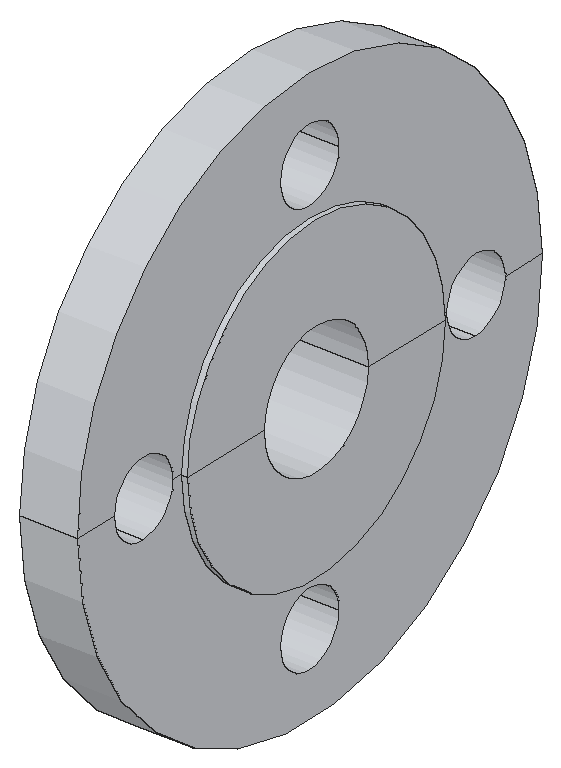
Revit family "PipeFitting_Flange_DN16_CTS_32-250mm", category Pipe Fittings, Revit 2019
Family settings
  Round Connector Dimension = Use Radius
  Part Type = Flange
  OmniClass Number = 23.60.30.11.14
  OmniClass Title = Pipework Fittings
  Work Plane-Based = No
  Always vertical = Yes
  Cut with Voids When Loaded = No
  Shared = No
Parameters (values of type "Standard_Flange_DN16_CTS_32_250mm")
  RaisedFaceRadius [instance] = RaisedFaceDiameter / 2  # 39 mm
  Uniformat IIElements = "TBC"
  URL = "www.reece.com.au"
  Type Comments = "CTS Copper Capillary Socket Fittings manufactured in accordance with AS 3688.  Adapters meet requirements of a maximum operating pressure of 1.4MPa where working temperature. Electrolysis Insulator made from EDPM rubber to prevent contact from Steel Backing Flange and Copper"
  SerialNumber [instance] = ""
  ProductCode [instance] = if(Size = 32 mm, "1001677", if(Size = 40 mm, "1002584", if(Size = 50 mm, "1002585", if(Size = 65 mm, "1002586", if(Size = 80 mm, "1002587", if(Size = 100 mm, "1002588", if(Size = 125 mm, "1002589", if(Size = 150 mm, "1002590", if(Size = 200 mm, "1002591", if(Size = 250 mm, "1001678", "ProductCode NA"))))))))))  # "1001677"
  OmniclassProducts = "TBC"
  NATSPECWorkSection = "TBC"
  ModifiedIssue_ANZRS = 20130927.63
  Model Version = "2013-03"
  Model Status [instance] = ""
  Model Specification = "BMA"
  Mark [instance] = ""
  Lookup Table Name = "Flange_DN16_CTS_32-250mm"
  FinalHHWFlow [instance] = 0.0 L/s
  RaisedFaceDiameter [instance] = size_lookup(Lookup Table Name, "F", 50 mm, Size)  # 78 mm
  Description = "16 Powder Coated CTS Flange"
  CreatedBy_ANZRS = "A2K Technologies"
  CreatedByURL_ANZRS = "http://bimmepaus.com.au/"
  BoltHoleRadius [instance] = BoltHoleDiameter / 2  # 9 mm
  FlangeRadius [instance] = Size * 0.5  # 16 mm
  Size [instance] = 32 mm
  Model = "Standard_Flange_DN16_CTS_32_250mm"
  Material = none
  Manufacturer = "Reece"
  EndToEndLength [instance] = size_lookup(Lookup Table Name, "E", 50 mm, Size)  # 36 mm
  FlangeThikness [instance] = size_lookup(Lookup Table Name, "D", 50 mm, Size)  # 14 mm
  HolesNumbers [instance] = if(Size > 150 mm, 12, if(Size > 65 mm, 8, 4))  # 4
  BoltHoleDiameter [instance] = size_lookup(Lookup Table Name, "C", 50 mm, Size)  # 18 mm
  PitchCircleRadius [instance] = PitchCircleDiameter / 2  # 50.5 mm
  PitchCircleDiameter [instance] = size_lookup(Lookup Table Name, "B", 50 mm, Size)  # 101 mm
  Assembly Code = "D2090800"
  FlangeOutSideRadius [instance] = FlangeOutSideDiameter / 2  # 70.5 mm
  FlangeOutSideDiameter [instance] = size_lookup(Lookup Table Name, "A", 50 mm, Size)  # 141 mm
Reference planes
  plane 1 "Center (Front/Back)": y = 0
  plane 2: z = 0
  plane 3 "Center (Left/Right)": x = 0
  plane 4 "Center": x = -14
  plane 5 "LHS": x = -34.4
  plane 6 "RHS": x = 1.6
Forms (mm)
  Revolve 1, solid, material <- "Material", detail levels fine
    sketch origin (0, 0, 0) x (1, 0, 0) y (0, 1, 0)
      loop
        line (-34.4, 16) -> (1.6, 16) -> (1.6, 39) -> (0, 39) -> (0, 70.5) -> (-14, 70.5) -> (-14, 17.6) -> (-34.4, 17.6) -> (-34.4, 16)
      axis (-34.4, 0) -> (1.6, 0)
    angle from 0 to 360
  Extrusion 2, void
    sketch origin (0, 0, -116.784) x (0, 1, 0) y (0, 0, 1)
      loop
        circle (0, 167.284) r 9
    from -44.922 to 20
  Extrusion 3, void
    sketch origin (0, 116.784, 0) x (0, 0, 1) y (0, -1, 0)
      loop
        circle (0, 167.284) r 9
    from -44.922 to 20
  Extrusion 4, void
    sketch origin (0, -116.784, 0) x (0, 0, -1) y (0, 1, 0)
      loop
        circle (0, 167.284) r 9
    from -44.922 to 20
  Extrusion 5, void
    sketch origin (0, 0, 116.784) x (0, -1, 0) y (0, 0, -1)
      loop
        circle (0, 167.284) r 9
    from -44.922 to 20
Cuts and joins
  Extrusion 2, Extrusion 3, Extrusion 4, Extrusion 5 cuts Revolve 1
Dimensions and locks
  "FlangeThikness": plane 4 "Center" to plane 3 "Center (Left/Right)"
  locked: plane 3 "Center (Left/Right)" to plane 6 "RHS" at 1.6
  "EndToEndLength": plane 5 "LHS" to plane 6 "RHS"
  "FlangeOutSideRadius": plane 1 "Center (Front/Back)" to Revolve 1 sketch curve
  "RaisedFaceRadius": plane 1 "Center (Front/Back)" to Revolve 1 sketch curve
  locked: Revolve 1 sketch curve to Revolve 1 sketch curve at 1.6
  "FlangeRadius": plane 1 "Center (Front/Back)" to Revolve 1 sketch curve
  "BoltHoleRadius": radius of Extrusion 2 sketch curve
  "BoltHoleRadius": radius of Extrusion 3 sketch curve
  "BoltHoleRadius": radius of Extrusion 4 sketch curve
  "BoltHoleRadius": radius of Extrusion 5 sketch curve
  "PitchCircleRadius": radius of radial array
  aligned and locked: plane 2 to level
  aligned and locked: plane 5 "LHS" to Revolve 1 sketch curve
  aligned and locked: plane 4 "Center" to Revolve 1 sketch curve
  aligned and locked: Revolve 1 sketch curve to plane 3 "Center (Left/Right)"
  aligned and locked: plane 1 "Center (Front/Back)" to Revolve 1 sketch curve
  aligned and locked: plane 5 "LHS" to nested 1
  aligned and locked: nested 1 to plane 1 "Center (Front/Back)"
Automatic sketch dimensions
  Revolve 1 sketch curve to plane 5 "LHS" = 0 mm
  Revolve 1 sketch curve to plane 6 "RHS" = 0 mm  (x2)
Nested families
  nested 1: "Flange S" at (-10.4, 0, 0) x (-1, 0, 0) z (0, 0, 1), type "Flange S", detail levels coarse+medium
Connectors
  piping at (1.6, 0, 0), diameter 32, driven by "FlangeRadius"
    settings: on Revolve 1, index 1, connector inside diameter 32 mm, connector length 0 mm, flow factor 0, pipe flow 0.0 L/s, pressure drop 0.0 Pa, fitting loss kfactor 0, connector angle 0.00°, fixture units 0, engagement length 0 mm, angle of deflection 0.00°, flow configuration 0, flow direction 0, fitting loss method 0, system type 28, joint type 0, gender type 0, connector reference index 2, connector utility 0, adjustable connector no, is connector primary yes, connector description ""
  piping at (-14, 0, 0), diameter 32, driven by "FlangeRadius"
    settings: on Revolve 1, index 2, connector inside diameter 32 mm, connector length 0 mm, flow factor 0, pipe flow 0.0 L/s, pressure drop 0.0 Pa, fitting loss kfactor 0, connector angle 0.00°, fixture units 0, engagement length 0 mm, angle of deflection 0.00°, flow configuration 0, flow direction 0, fitting loss method 0, system type 28, joint type 0, gender type 0, connector reference index 1, connector utility 0, adjustable connector no, is connector primary no, connector description ""
Definition of nested family "Flange S"
  Parameters
    X = L / 3  # 220 mm
    W = 640 mm
    L = 660 mm
  Reference planes
    plane 1 "Center (Front/Back)": y = 0
    plane 2: z = 0
    plane 3 "Center (Left/Right)": x = 0
  Lines and regions (mm)
    model lines
      curve 1: line (0, -320, 0) -> (0, 320, 0)
      curve 2: line (-220, 0, 0) -> (440, 0, 0)
  Dimensions and locks
    "W": curve 1 to curve 1
    equal spacing: curve 1, plane 1 "Center (Front/Back)", curve 1
    "L": curve 2 to curve 2
    "X": curve 2 to plane 3 "Center (Left/Right)"
    aligned and locked: level to plane 2
  Automatic sketch dimensions
    curve 1 to plane 3 "Center (Left/Right)" = 0 mm
    plane 1 "Center (Front/Back)" to curve 2 = 0 mm
